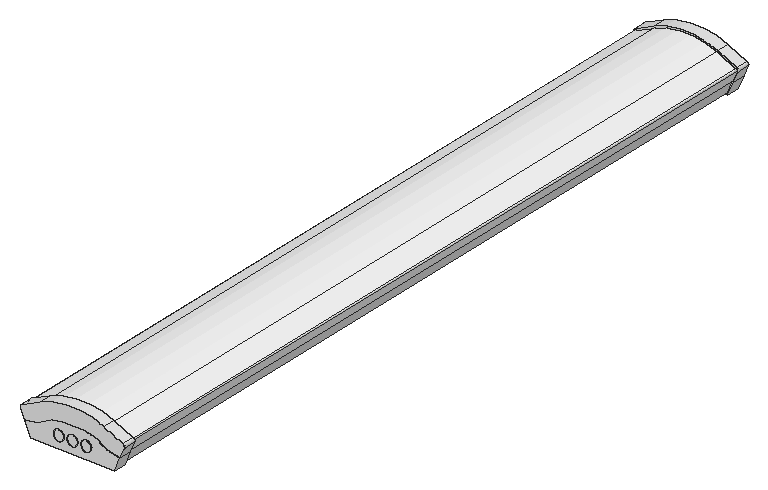
Revit family "Thorn DIFFALUX", category Lighting Fixtures, host Face, Revit 2018
Family settings
  Host = Face
  Round Connector Dimension = Use Diameter
  Part Type = Normal
  OmniClass Number = 23.80.70.11
  OmniClass Title = Luminaries for Internal Lighting
  Cut with Voids When Loaded = No
  Light Source = Yes
  Shared = No
  Room Calculation Point = No
Parameters (values of type "DIFF 3 5000-840 HF L1500 LOS")
  Width = 200 mm
  Wattage Comments = ""
  Wattage = 70.7612 W
  built-in parameter 1150110 = 1 (stored number, unit not read)
  Voltage = 0 V
  URL = "www.thornlighting.com/96633566"
  Type Comments = "© Thorn. We reserve the right to make technical changes without prior notice."  # constant formula
  built-in parameter 1114217 = 1 (stored number, unit not read)
  Tilt Angle = -90.00°
  built-in parameter 1150109 = 1 (stored number, unit not read)
  built-in parameter 1150134 = 12
  built-in parameter 1150113 = 1 (stored number, unit not read)
  Photometric Web File = "96633566_(res15_5_symC0_C90_LOR_100).IES"
  Manufacturer = "Thorn Lighting"  # constant formula
  built-in parameter 1150105 = 377.28 (stored number, unit not read)
  Lumens = 4741 lm
  built-in parameter 1150115 = 1 (stored number, unit not read)
  built-in parameter 1150137 = (empty or 0)
  built-in parameter 1150139 = (empty or 0)
  Length = 1490 mm
  built-in parameter 1150112 = 1 (stored number, unit not read)
  built-in parameter 1150114 = 1 (stored number, unit not read)
  Lamp = "LED"  # constant formula
  built-in parameter 1150132 = 2
  built-in parameter 1150102 = (empty or 0)
  built-in parameter 1150107 = 4000 (stored number, unit not read)
  built-in parameter 1150138 = (empty or 0)
  built-in parameter 1150106 = 3.7728 (stored number, unit not read)
  Height = 81 mm
  Emit from Rectangle Width = Width - 20 mm  # 180 mm
  Emit from Rectangle Length = Length - 48 mm  # 1442 mm
  Emit Shape Visible in Rendering = no
  built-in parameter 1150104 = 6.2245 (stored number, unit not read)
  Dimming Lamp Color Temperature Shift = <None>
  Description = "Surface Mount LED luminaire"  # constant formula
  Default Elevation = 0 mm
  Cover [instance] = Thorn_PMMA
  Cost = 0
  Color Filter = 16777215
  Body [instance] = Thorn_Plastic_White_Polycarbonate
  built-in parameter 1114218 = 1 (stored number, unit not read)
  built-in parameter 1150133 = 10 (stored number, unit not read)
  Assembly Code = "D5020200"
  Apparent Load = 43.5 VA
Reference planes
  plane 1 "Centre (Front/Back)": y = 0
  plane 2: z = 0
  plane 3 "Centre (Left/Right)": x = 0
  plane 4: x = -108.5
  plane 5: x = 108.5
  plane 6 "Back": y = 745
  plane 7 "Front": y = -745
  plane 8: y = 721
  plane 9: y = -721
  plane 10: z = 23.073
  plane 11: z = 82
Forms (mm)
  Extrusion 1, solid, material "Thorn_Plastic_White_Polycarbonate" <- "Body"
    sketch origin (0, -745, 0) x (-1, 0, 0) y (0, 0, 1)
      loop
        line (80.268, 0) -> (91.375, 26.167) -> (65.874, 31.124)
        arc (65.874, 31.124) -> (60.949, 32.772) -> (56.617, 35.639) r 19.897
        arc (56.617, 35.639) -> (39.303, 44.734) -> (20, 47.873) r 60.916
        line (20, 47.873) -> (-20, 47.873)
        arc (-20, 47.873) -> (-39.303, 44.734) -> (-56.617, 35.639) r 60.916
        arc (-56.617, 35.639) -> (-60.949, 32.772) -> (-65.874, 31.124) r 19.897
        line (-65.874, 31.124) -> (-91.375, 26.167) -> (-80.268, 0) -> (80.268, 0)
      loop
        circle (0, 23.073) r 10
      loop
        circle (-26.25, 23.073) r 10
      loop
        circle (26.25, 23.073) r 10
    from 0 to 24
  Extrusion 2, solid, material "Thorn_Plastic_White_Polycarbonate" <- "Body"
    sketch origin (0, -745, 0) x (-1, 0, 0) y (0, 0, 1)
      loop
        line (91.375, 26.167) -> (99.23, 44.673)
        arc (99.23, 44.673) -> (99.287, 48.44) -> (96.698, 51.177) r 5
        line (96.698, 51.177) -> (60.334, 67.724)
        arc (60.334, 67.724) -> (0, 80.806) -> (-60.334, 67.724) r 145.673
        line (-60.334, 67.724) -> (-96.698, 51.177)
        arc (-96.698, 51.177) -> (-99.287, 48.44) -> (-99.23, 44.673) r 5
        line (-99.23, 44.673) -> (-91.375, 26.167) -> (-65.874, 31.124)
        arc (-65.874, 31.124) -> (-60.949, 32.772) -> (-56.617, 35.639) r 19.897
        arc (-56.617, 35.639) -> (-39.303, 44.734) -> (-20, 47.873) r 60.916
        line (-20, 47.873) -> (20, 47.873)
        arc (20, 47.873) -> (39.303, 44.734) -> (56.617, 35.639) r 60.916
        arc (56.617, 35.639) -> (60.949, 32.772) -> (65.874, 31.124) r 19.897
        line (65.874, 31.124) -> (91.375, 26.167)
    from 0 to 24
  Extrusion 3, solid, material "Thorn_Plastic_White_Polycarbonate" <- "Body"
    sketch origin (0, -745, 0) x (-1, 0, 0) y (0, 0, 1)
      loop
        circle (0, 23.073) r 10
      loop
        circle (-26.25, 23.073) r 10
      loop
        circle (26.25, 23.073) r 10
    from 0 to 24
  Extrusion 4, solid, material "Thorn_Plastic_White_Polycarbonate" <- "Body"
    sketch origin (0, 745, 0) x (-1, 0, 0) y (0, 0, 1)
      loop
        line (80.268, 0) -> (91.375, 26.167) -> (65.874, 31.124)
        arc (65.874, 31.124) -> (60.949, 32.772) -> (56.617, 35.639) r 19.897
        arc (56.617, 35.639) -> (39.303, 44.734) -> (20, 47.873) r 60.916
        line (20, 47.873) -> (-20, 47.873)
        arc (-20, 47.873) -> (-39.303, 44.734) -> (-56.617, 35.639) r 60.916
        arc (-56.617, 35.639) -> (-60.949, 32.772) -> (-65.874, 31.124) r 19.897
        line (-65.874, 31.124) -> (-91.375, 26.167) -> (-80.268, 0) -> (80.268, 0)
      loop
        circle (0, 23.073) r 10
      loop
        circle (-26.25, 23.073) r 10
      loop
        circle (26.25, 23.073) r 10
    from 0 to -24
  Extrusion 5, solid, material "Thorn_Plastic_White_Polycarbonate" <- "Body"
    sketch origin (0, 745, 0) x (-1, 0, 0) y (0, 0, 1)
      loop
        line (91.375, 26.167) -> (99.23, 44.673)
        arc (99.23, 44.673) -> (99.287, 48.44) -> (96.698, 51.177) r 5
        line (96.698, 51.177) -> (60.334, 67.724)
        arc (60.334, 67.724) -> (0, 80.806) -> (-60.334, 67.724) r 145.673
        line (-60.334, 67.724) -> (-96.698, 51.177)
        arc (-96.698, 51.177) -> (-99.287, 48.44) -> (-99.23, 44.673) r 5
        line (-99.23, 44.673) -> (-91.375, 26.167) -> (-65.874, 31.124)
        arc (-65.874, 31.124) -> (-60.949, 32.772) -> (-56.617, 35.639) r 19.897
        arc (-56.617, 35.639) -> (-39.303, 44.734) -> (-20, 47.873) r 60.916
        line (-20, 47.873) -> (20, 47.873)
        arc (20, 47.873) -> (39.303, 44.734) -> (56.617, 35.639) r 60.916
        arc (56.617, 35.639) -> (60.949, 32.772) -> (65.874, 31.124) r 19.897
        line (65.874, 31.124) -> (91.375, 26.167)
    from 0 to -24
  Extrusion 6, solid, material "Thorn_Plastic_White_Polycarbonate" <- "Body"
    sketch origin (0, 745, 0) x (-1, 0, 0) y (0, 0, 1)
      loop
        circle (0, 23.073) r 10
      loop
        circle (-26.25, 23.073) r 10
      loop
        circle (26.25, 23.073) r 10
    from 0 to -24
  Extrusion 7, solid, material "Thorn_Plastic_White_Polycarbonate" <- "Body"
    sketch origin (0, 0, 0) x (1, 0, 0) y (0, 0, 1)
      loop
        line (-59.298, 65.449) -> (-95.663, 48.902)
        arc (-95.663, 48.902) -> (-96.957, 47.533) -> (-96.929, 45.649) r 2.5
        line (-96.929, 45.649) -> (-88.866, 26.655) -> (-87.863, 26.85) -> (-77.527, 2.5) -> (77.527, 2.5) -> (87.863, 26.85) -> (88.866, 26.655) -> (96.929, 45.649)
        arc (96.929, 45.649) -> (96.957, 47.533) -> (95.663, 48.902) r 2.5
        line (95.663, 48.902) -> (59.298, 65.449)
        arc (59.298, 65.449) -> (0, 78.306) -> (-59.298, 65.449) r 143.173
    from -721 to 721
Dimensions and locks
  equal spacing: plane 4, plane 3 "Centre (Left/Right)", plane 5
  plane 4 to plane 5 = 217 mm
  equal spacing: plane 6 "Back", plane 1 "Centre (Front/Back)", plane 7 "Front"
  "Length": plane 6 "Back" to plane 7 "Front"
  locked: plane 6 "Back" to plane 8 at 24
  locked: plane 9 to plane 7 "Front" at 24
  plane 11 to plane 2 = 82 mm
  aligned and locked: plane 2 to host face
  aligned and locked: level to host face
  aligned and locked: plane 8 to Extrusion 7
  aligned and locked: Extrusion 7 to plane 9
  aligned and locked: plane 11 to imposter light
Automatic sketch dimensions
  host sketch curve to host sketch curve = 2438.4 mm  (x2)
  Extrusion 1 sketch curve to level = 0 mm
  Extrusion 1 sketch curve to plane 10 = 0 mm  (x3)
  Extrusion 1 sketch curve to plane 3 "Centre (Left/Right)" = 0 mm
  plane 3 "Centre (Left/Right)" to Extrusion 1 sketch curve = 20 mm
  Extrusion 1 sketch curve to Extrusion 1 sketch curve = 6.25 mm  (x2)
  plane 10 to Extrusion 1 sketch curve = 8.051 mm  (x2)
  Extrusion 1 sketch curve to Extrusion 1 sketch curve = 39.624 mm  (x2)
  Extrusion 1 sketch curve to Extrusion 1 sketch curve = 3.797 mm  (x2)
  Extrusion 1 sketch curve to plane 5 = 28.232 mm
  plane 10 to Extrusion 1 sketch curve = 3.094 mm  (x2)
  Extrusion 1 sketch curve to plane 5 = 17.125 mm
  Extrusion 1 sketch curve to plane 3 "Centre (Left/Right)" = 20 mm
  plane 4 to Extrusion 1 sketch curve = 28.232 mm
  plane 4 to Extrusion 1 sketch curve = 17.125 mm
  Extrusion 1 sketch curve to level = 13.043 mm  (x2)
  Extrusion 1 sketch curve to Extrusion 1 sketch curve = 24.8 mm
  Extrusion 1 sketch curve to Extrusion 1 sketch curve = 19.532 mm  (x2)
  Extrusion 2 sketch curve to plane 3 "Centre (Left/Right)" = 0 mm
  plane 3 "Centre (Left/Right)" to Extrusion 2 sketch curve = 20 mm
  Extrusion 2 sketch curve to Extrusion 2 sketch curve = 40.334 mm  (x2)
  plane 10 to Extrusion 2 sketch curve = 8.051 mm  (x2)
  Extrusion 2 sketch curve to Extrusion 2 sketch curve = 5.541 mm  (x2)
  Extrusion 2 sketch curve to Extrusion 2 sketch curve = 9.337 mm  (x2)
  plane 10 to Extrusion 2 sketch curve = 3.094 mm  (x2)
  Extrusion 2 sketch curve to plane 5 = 17.125 mm
  Extrusion 2 sketch curve to plane 5 = 13.873 mm
  Extrusion 2 sketch curve to Extrusion 2 sketch curve = 2.071 mm  (x2)
  Extrusion 2 sketch curve to Extrusion 2 sketch curve = 4.603 mm  (x2)
  Extrusion 2 sketch curve to plane 3 "Centre (Left/Right)" = 20 mm
  plane 4 to Extrusion 2 sketch curve = 17.125 mm
  plane 4 to Extrusion 2 sketch curve = 13.873 mm
  Extrusion 2 sketch curve to level = 13.043 mm  (x2)
  Extrusion 2 sketch curve to Extrusion 2 sketch curve = 51.824 mm
  Extrusion 2 sketch curve to Extrusion 2 sketch curve = 18.505 mm  (x2)
  Extrusion 2 sketch curve to Extrusion 2 sketch curve = 1.954 mm  (x2)
  level to Extrusion 2 sketch curve = 47.873 mm
  Extrusion 2 sketch curve to Extrusion 2 sketch curve = 19.532 mm  (x2)
  Extrusion 2 sketch curve to Extrusion 2 sketch curve = 17.068 mm
  Extrusion 3 sketch curve to plane 10 = 0 mm  (x3)
  Extrusion 3 sketch curve to plane 3 "Centre (Left/Right)" = 0 mm
  plane 3 "Centre (Left/Right)" to Extrusion 3 sketch curve = 26.25 mm
  Extrusion 3 sketch curve to Extrusion 3 sketch curve = 26.25 mm
  Extrusion 4 sketch curve to level = 0 mm
  Extrusion 4 sketch curve to plane 10 = 0 mm  (x3)
  Extrusion 4 sketch curve to plane 3 "Centre (Left/Right)" = 0 mm
  plane 3 "Centre (Left/Right)" to Extrusion 4 sketch curve = 20 mm
  Extrusion 4 sketch curve to Extrusion 4 sketch curve = 6.25 mm  (x2)
  plane 10 to Extrusion 4 sketch curve = 8.051 mm  (x2)
  Extrusion 4 sketch curve to Extrusion 4 sketch curve = 39.624 mm  (x2)
  Extrusion 4 sketch curve to Extrusion 4 sketch curve = 3.797 mm  (x2)
  Extrusion 4 sketch curve to plane 5 = 28.232 mm
  plane 10 to Extrusion 4 sketch curve = 3.094 mm  (x2)
  Extrusion 4 sketch curve to plane 5 = 17.125 mm
  Extrusion 4 sketch curve to plane 3 "Centre (Left/Right)" = 20 mm
  plane 4 to Extrusion 4 sketch curve = 28.232 mm
  plane 4 to Extrusion 4 sketch curve = 17.125 mm
  Extrusion 4 sketch curve to level = 13.043 mm  (x2)
  Extrusion 4 sketch curve to Extrusion 4 sketch curve = 24.8 mm
  Extrusion 4 sketch curve to Extrusion 4 sketch curve = 19.532 mm  (x2)
  Extrusion 5 sketch curve to plane 3 "Centre (Left/Right)" = 0 mm
  plane 3 "Centre (Left/Right)" to Extrusion 5 sketch curve = 20 mm
  Extrusion 5 sketch curve to Extrusion 5 sketch curve = 40.334 mm  (x2)
  plane 10 to Extrusion 5 sketch curve = 8.051 mm  (x2)
  Extrusion 5 sketch curve to Extrusion 5 sketch curve = 5.541 mm  (x2)
  Extrusion 5 sketch curve to Extrusion 5 sketch curve = 9.337 mm  (x2)
  plane 10 to Extrusion 5 sketch curve = 3.094 mm  (x2)
  Extrusion 5 sketch curve to plane 5 = 17.125 mm
  Extrusion 5 sketch curve to plane 5 = 13.873 mm
  Extrusion 5 sketch curve to Extrusion 5 sketch curve = 2.071 mm  (x2)
  Extrusion 5 sketch curve to Extrusion 5 sketch curve = 4.603 mm  (x2)
  Extrusion 5 sketch curve to plane 3 "Centre (Left/Right)" = 20 mm
  plane 4 to Extrusion 5 sketch curve = 17.125 mm
  plane 4 to Extrusion 5 sketch curve = 13.873 mm
  Extrusion 5 sketch curve to level = 13.043 mm  (x2)
  Extrusion 5 sketch curve to Extrusion 5 sketch curve = 51.824 mm
  Extrusion 5 sketch curve to Extrusion 5 sketch curve = 18.505 mm  (x2)
  Extrusion 5 sketch curve to Extrusion 5 sketch curve = 1.954 mm  (x2)
  level to Extrusion 5 sketch curve = 47.873 mm
  Extrusion 5 sketch curve to Extrusion 5 sketch curve = 19.532 mm  (x2)
  Extrusion 5 sketch curve to Extrusion 5 sketch curve = 17.068 mm
  Extrusion 6 sketch curve to plane 10 = 0 mm  (x3)
  Extrusion 6 sketch curve to plane 3 "Centre (Left/Right)" = 0 mm
  plane 3 "Centre (Left/Right)" to Extrusion 6 sketch curve = 26.25 mm
  Extrusion 6 sketch curve to Extrusion 6 sketch curve = 26.25 mm
  Extrusion 7 sketch curve to plane 3 "Centre (Left/Right)" = 0 mm
  plane 4 to Extrusion 7 sketch curve = 49.202 mm
  plane 4 to Extrusion 7 sketch curve = 30.973 mm
  plane 10 to Extrusion 7 sketch curve = 3.777 mm  (x2)
  plane 4 to Extrusion 7 sketch curve = 20.637 mm
  plane 10 to Extrusion 7 sketch curve = 3.582 mm  (x2)
  Extrusion 7 sketch curve to Extrusion 7 sketch curve = 1.004 mm  (x2)
  plane 4 to Extrusion 7 sketch curve = 13.873 mm
  Extrusion 7 sketch curve to Extrusion 7 sketch curve = 1.035 mm  (x2)
  Extrusion 7 sketch curve to Extrusion 7 sketch curve = 2.301 mm  (x2)
  Extrusion 7 sketch curve to plane 5 = 49.202 mm
  Extrusion 7 sketch curve to plane 5 = 30.973 mm
  Extrusion 7 sketch curve to plane 5 = 20.637 mm
  Extrusion 7 sketch curve to level = 64.867 mm
  Extrusion 7 sketch curve to Extrusion 7 sketch curve = 18.994 mm  (x2)
  Extrusion 7 sketch curve to Extrusion 7 sketch curve = 0.977 mm  (x2)
  Extrusion 7 sketch curve to Extrusion 7 sketch curve = 16.547 mm
  level to Extrusion 7 sketch curve = 2.5 mm
  Extrusion 7 sketch curve to plane 5 = 13.873 mm
  radius of Extrusion 1 sketch curve = 10 mm  (x3)
  radius of Extrusion 3 sketch curve = 10 mm  (x3)
  radius of Extrusion 4 sketch curve = 10 mm  (x3)
  radius of Extrusion 6 sketch curve = 10 mm  (x3)
Connectors
  electrical at (0, 0, 2.5), driven by "Voltage", driven by "Apparent Load"
    settings: on Extrusion 7, index 1, voltage 0 V, apparent load 0 VA, apparent load phase1 43.5 VA, apparent load phase2 0 VA, apparent load phase3 0 VA, power factor 1, load classification "Lighting", number of poles 1, system type 31, power factor state 1, is connector primary yes, connector utility no, sub classification motor no, connector description "Power"
